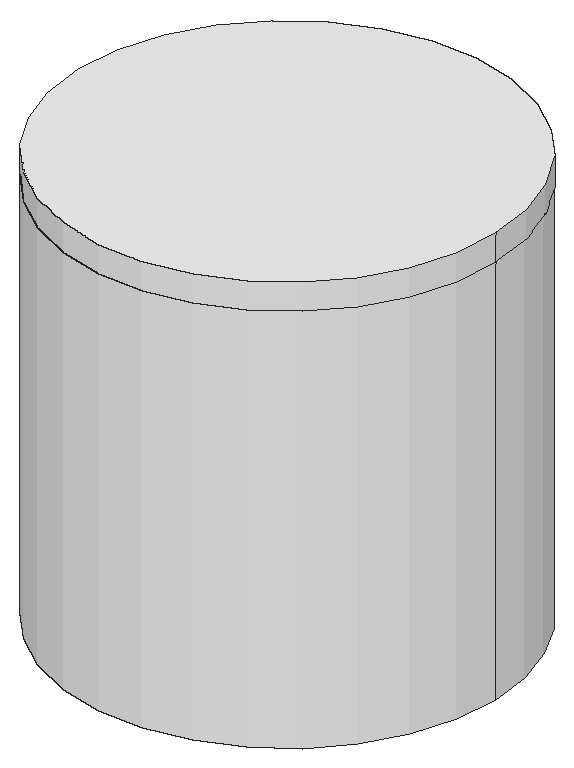
Revit family
Parameters (values of type "203mm 100 watt Incandescent")
  Wattage = 12.1178 W
  built-in parameter 1150110 = 1 (stored number, unit not read)
  built-in parameter 1114217 = 1 (stored number, unit not read)
  built-in parameter 1150109 = 1 (stored number, unit not read)
  built-in parameter 1150134 = 3
  built-in parameter 1150113 = 1 (stored number, unit not read)
  Material Fitting = Metal Chrome
  built-in parameter 1150105 = 143.24 (stored number, unit not read)
  built-in parameter 1150115 = 1 (stored number, unit not read)
  Light Source Symbol Size = 609.60 mm
  built-in parameter 1150137 = (empty or 0)
  built-in parameter 1150139 = (empty or 0)
  built-in parameter 1150112 = 1 (stored number, unit not read)
  built-in parameter 1150114 = 1 (stored number, unit not read)
  Keynote = "V"
  built-in parameter 1150132 = 2
  built-in parameter 1150102 = (empty or 0)
  built-in parameter 1150107 = 3200 (stored number, unit not read)
  built-in parameter 1150138 = (empty or 0)
  built-in parameter 1150106 = 1.4324 (stored number, unit not read)
  built-in parameter 1150104 = 13.8 (stored number, unit not read)
  Dimming Lamp Color Temperature Shift = (empty or 0)
  Depth = 203.00 mm
  Diameter = 203.00 mm
  Lamp = "A-21"
  Lumens = 1800 lm
  Wattage Comments = "100"
  Color Filter = 16777215
  built-in parameter 1114218 = 1 (stored number, unit not read)
  built-in parameter 1150133 = 10 (stored number, unit not read)
Types (3, lengths in mm): name | Wattage | built-in parameter 1150105 | built-in parameter 1150106 | Diameter | Lamp | Lumens | Wattage Comments
  (no name) | 12.1178 W | 143.24 (stored number, unit not read) | 1.4324 (stored number, unit not read) | 203.00 | "A-21" | 1800 lm | "100"
  152mm  60 watt Incandescent | 7.27067 W | 85.944 (stored number, unit not read) | 0.85944 (stored number, unit not read) | 152.00 | "A-19" | 1080 lm | "60"
  203mm 100 watt Incandescent | 12.1178 W | 143.24 (stored number, unit not read) | 1.4324 (stored number, unit not read) | 203.00 | "A-21" | 1800 lm | "100"
Reference planes
  plane 1 "Light Source Axis": y = 0
  plane 2 "Ceiling": z = 2438.4
  plane 3 "Light Source Axis": x = 0
  plane 4: x = 101.5
  plane 5: x = -101.5
  plane 6: z = 2641.4
  plane 7 "Light Source Elevation": z = 2514.6
Forms (mm)
  Extrusion 1, solid, material "Metal Chrome" <- "Material Fitting"
    sketch origin (0, 0, 2438.4) x (1, 0, 0) y (0, 1, 0)
      loop
        circle (0, 0) r 101.5
      loop
        circle (0, 0) r 88.8
    from 0 to 190.3
  Extrusion 2, solid, material "Metal Chrome" <- "Material Fitting"
    sketch origin (0, 0, 2628.7) x (1, 0, 0) y (0, 1, 0)
      loop
        circle (0, 0) r 101.5
    from 0 to 12.7
Lines and regions (mm)
  Opening 1
    outline origin (0, 0, 2438.4) x (1, 0, 0) y (0, 1, 0)
      loop
        circle (0, 0) r 101.5
  sketch lines
    curve 1: line (-1524, 1524, 0) -> (1524, 1524, 0)
    curve 2: line (-1524, 1524, 0) -> (-1524, -1524, 0)
    curve 3: line (-1524, -1524, 0) -> (1524, -1524, 0)
    curve 4: line (1524, 1524, 0) -> (1524, -1524, 0)
  symbolic lines
    curve 5: arc (101.5, 0, 2438.4) -> (0, 101.5, 2438.4) -> (-101.5, 0, 2438.4) r 101.5
    curve 6: arc (-101.5, 0, 2438.4) -> (0, -101.5, 2438.4) -> (101.5, 0, 2438.4) r 101.5
Dimensions and locks
  equal spacing: curve 2, plane 3 "Light Source Axis", curve 4
  equal spacing: curve 3, plane 1 "Light Source Axis", curve 1
  curve 2 to curve 4 = 3048.00 mm
  curve 3 to curve 1 = 3048.00 mm
  equal spacing: plane 5, plane 3 "Light Source Axis", plane 4
  "Diameter": plane 5 to plane 4
  "Depth": plane 6 to plane 2 "Ceiling"
  locked: plane 6 to Extrusion 1 at 12.7
  locked: plane 7 "Light Source Elevation" to plane 2 "Ceiling" at 76.2
  aligned and locked: Extrusion 2 to plane 6
  aligned and locked: Extrusion 2 to Extrusion 1
  aligned and locked: plane 3 "Light Source Axis" to imposter light
  aligned and locked: plane 1 "Light Source Axis" to imposter light
  aligned and locked: plane 7 "Light Source Elevation" to imposter light
Automatic sketch dimensions
  Opening 1 sketch curve to plane 1 "Light Source Axis" = 0.00 mm
  Opening 1 sketch curve to plane 5 = 0.00 mm
  Opening 1 sketch curve to plane 3 "Light Source Axis" = 0.00 mm  (x2)
  Extrusion 1 sketch curve to plane 1 "Light Source Axis" = 0.00 mm  (x2)
  Extrusion 1 sketch curve to plane 5 = 0.00 mm
  Extrusion 1 sketch curve to plane 3 "Light Source Axis" = 0.00 mm  (x3)
  Extrusion 1 sketch curve to plane 5 = 12.70 mm
  Extrusion 2 sketch curve to plane 1 "Light Source Axis" = 0.00 mm
  Extrusion 2 sketch curve to plane 5 = 0.00 mm
  Extrusion 2 sketch curve to plane 3 "Light Source Axis" = 0.00 mm  (x2)
  curve 6 to plane 1 "Light Source Axis" = 0.00 mm
  curve 6 to plane 5 = 0.00 mm
  curve 6 to plane 3 "Light Source Axis" = 0.00 mm
